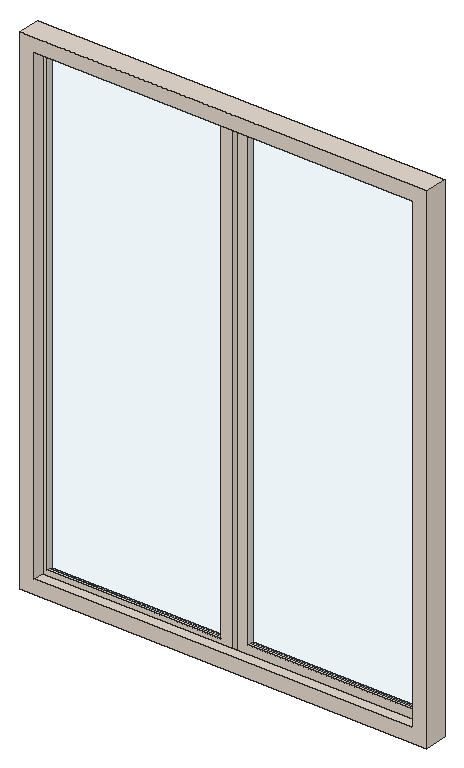
Revit family
Parameters (values of type "단창(2개창) 1800X2210")
  창프레임폭 = 50 mm
  창프레임두께 = 문틀두께 / 4  # 25 mm
  유리 = 유리
  문틀두께 = 100 mm
  문틀 [instance] = 문틀
  Height = 2210 mm
  Default Sill Height = 500 mm
  Wall Closure = (empty or 0)
  Width = 1800 mm
  Assembly Code = ""
Reference planes
  plane 1 "Center (Front/Back)": y = 0
  plane 2 "Center (Left/Right)": x = 0
  plane 3 "Left": x = -900
  plane 4 "Right": x = 900
  plane 5 "Sill": z = 500
  plane 6 "Head": z = 2710
  plane 7 "Exterior": y = 100
  plane 8 "Interior": y = -100
Forms (mm)
  Sweep 1, solid, material "문틀" <- "문틀"
    path origin (0, 100, 0) x (1, 0, 0) y (0, 0, 1)
      loop
        line (900, 2710) -> (-900, 2710) -> (-900, 500) -> (900, 500) -> (900, 2710)
    profile origin (0, 100, 2710) x (0, 0, -1) y (0, -1, 0)
      loop
        line (0, 100) -> (0, 0) -> (30, 0) -> (30, 50) -> (60, 50) -> (60, 100) -> (0, 100)
  Extrusion 2, solid, material "문틀" <- "문틀"
    sketch origin (-970, 100, 0) x (1, 0, 0) y (0, 0, 1)
      loop
        line (970, 2680) -> (100, 2680) -> (100, 530) -> (970, 530) -> (970, 2680)
      loop
        line (920, 2630) -> (150, 2630) -> (150, 580) -> (920, 580) -> (920, 2630)
    from 25 to 50
  Extrusion 3, solid, material "유리" <- "유리"
    sketch origin (-970, 100, 0) x (1, 0, 0) y (0, 0, 1)
      loop
        line (920, 2630) -> (150, 2630) -> (150, 580) -> (920, 580) -> (920, 2630)
    from 33.333 to 41.667
  Extrusion 4, solid, material "문틀" <- "문틀"
    sketch origin (0, 100, 0) x (1, 0, 0) y (0, 0, 1)
      loop
        line (870, 2680) -> (0, 2680) -> (0, 530) -> (870, 530) -> (870, 2680)
      loop
        line (820, 2630) -> (50, 2630) -> (50, 580) -> (820, 580) -> (820, 2630)
    from 0 to 25
  Extrusion 5, solid, material "유리" <- "유리"
    sketch origin (0, 100, 0) x (1, 0, 0) y (0, 0, 1)
      loop
        line (820, 2630) -> (50, 2630) -> (50, 580) -> (820, 580) -> (820, 2630)
    from 8.333 to 16.667
Lines and regions (mm)
  Opening 1
    outline origin (3500, -100, 0) x (1, 0, 0) y (0, 0, 1)
      loop
        line (-2600, 500) -> (-2600, 2710) -> (-4400, 2710) -> (-4400, 500) -> (-2600, 500)
Text (mm)
  text "EXTERIOR" at (-1963.203, 1332.353, 0), in view "Ref. Level"
  text "INTERIOR" at (-1981.466, -818.386, 0), in view "Ref. Level"
  text "Exterior" at (0, 923.751, 2943.296), in view "Right"
  text "Exterior" at (0, 1040.484, 2685.409), in view "Left"
Dimensions and locks
  equal spacing: plane 3 "Left", plane 2 "Center (Left/Right)", plane 4 "Right"
  "Width": plane 3 "Left" to plane 4 "Right"
  "Height": plane 5 "Sill" to plane 6 "Head"
  "Default Sill Height": plane 5 "Sill" to level
  locked: plane 7 "Exterior" to host wall at 0
  locked: plane 8 "Interior" to host wall
  equal spacing: Sweep 1 sketch curve, Sweep 1 sketch curve, Sweep 1 sketch curve  (x2)
  "문틀두께": Sweep 1 sketch curve to Sweep 1 sketch curve
  plane 2 "Center (Left/Right)" to plane 4 "Right" = 900 mm
  "창프레임폭": Extrusion 2 sketch curve to Extrusion 3  (x2)
  "창프레임폭": Extrusion 3 to Extrusion 2 sketch curve  (x2)
  "창프레임두께": Extrusion 2 to Extrusion 2
  equal spacing: Extrusion 2, Extrusion 3, Extrusion 3, Extrusion 2
  "창프레임폭": Extrusion 4 sketch curve to Extrusion 5  (x2)
  "창프레임폭": Extrusion 5 to Extrusion 4 sketch curve  (x2)
  "창프레임두께": Extrusion 4 to Extrusion 4
  equal spacing: Extrusion 4, Extrusion 5, Extrusion 5, Extrusion 4
  aligned and locked: host wall to Sweep 1 sketch curve
  aligned and locked: Sweep 1 sketch curve to host wall  (x3)
  aligned and locked: Extrusion 2 to Sweep 1
  aligned and locked: plane 2 "Center (Left/Right)" to Extrusion 4
  aligned and locked: Extrusion 4 to Sweep 1
  aligned: host wall to Extrusion 4
Automatic sketch dimensions
  Opening 1 sketch curve to plane 3 "Left" = 0 mm
  Opening 1 sketch curve to plane 4 "Right" = 0 mm
  Opening 1 sketch curve to plane 5 "Sill" = 0 mm
  Opening 1 sketch curve to plane 6 "Head" = 0 mm
  Sweep 1 sketch curve to profile plane = 0 mm
  Sweep 1 sketch curve to plane 7 "Exterior" = 0 mm
  Sweep 1 sketch curve to profile plane = 30 mm
  Extrusion 2 sketch curve to Extrusion 2 sketch curve = 50 mm  (x3)
  plane 2 "Center (Left/Right)" to Extrusion 2 sketch curve = 50 mm
  Extrusion 3 sketch curve to plane 3 "Left" = 80 mm
  plane 2 "Center (Left/Right)" to Extrusion 3 sketch curve = 50 mm
  Extrusion 3 sketch curve to plane 5 "Sill" = 80 mm
  plane 6 "Head" to Extrusion 3 sketch curve = 80 mm
  Extrusion 4 sketch curve to plane 2 "Center (Left/Right)" = 50 mm
  Extrusion 4 sketch curve to Extrusion 4 sketch curve = 50 mm  (x3)
  Extrusion 5 sketch curve to plane 2 "Center (Left/Right)" = 50 mm
  plane 4 "Right" to Extrusion 5 sketch curve = 80 mm
  Extrusion 5 sketch curve to plane 5 "Sill" = 80 mm
  plane 6 "Head" to Extrusion 5 sketch curve = 80 mm
